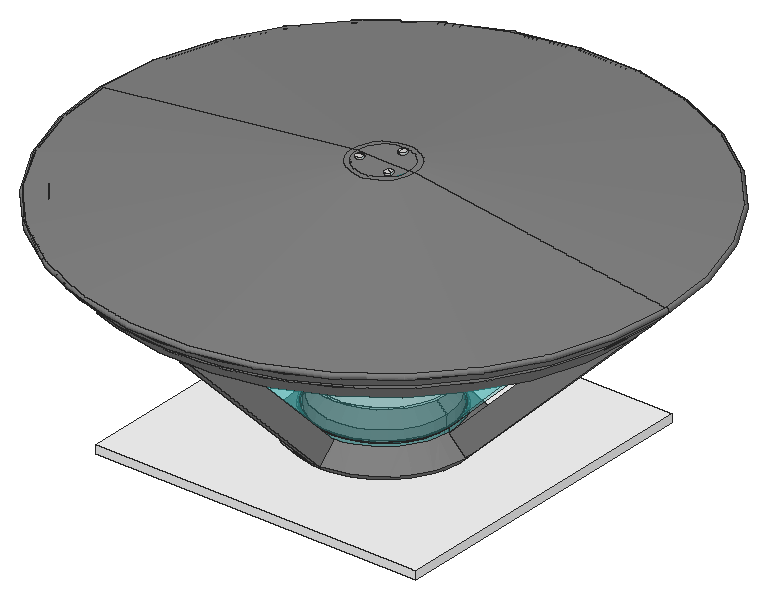
Revit family "BE_77181_de_DE", category Leuchten, Revit 2015
Parameters (values of type "BEGA_77181_Grafit_K4")
  built-in parameter 1150104 = 11.65 (stored number, unit not read)
  Windangriffsfläche = ""
  Werkzeuglos = ""
  Wattage = 37.8 W
  Default Elevation = 0 mm
  built-in parameter 1150113 = 1 (stored number, unit not read)
  built-in parameter 1114218 = 1 (stored number, unit not read)
  Umgebungstemperatur = ""
  URL = "http://www.bega.de/produkt/77181"
  Typenkommentare = "© 2017 BEGA. Wir behalten uns das Recht vor, technische Änderungen ohne vorherige Ankündigung vorzunehmen."  # constant formula
  Type Image = 77181.png
  built-in parameter 1150134 = 12
  built-in parameter 1150109 = 1 (stored number, unit not read)
  Strom = ""
  built-in parameter 1150110 = 1 (stored number, unit not read)
  Spannung = 239.996 V
  Sonderanfertigung = no
  Seriennummer [instance] = "Hier können Sie die eindeutige Seriennummer für das Facility Management eintragen."
  Schutzklasse = "I"
  Schutzart = "IP 54"
  Scheinlast = 0 VA
  Produktdatenblatt = "http://www.bega.de/download/Xrfa/db/77181.db.de.pdf"
  Oberflächentemperatur = ""
  Neigungswinkel = 0.00°
  Modell = "77181"
  Material_18 = BEGA_Gummi_schwarz
  Material_17 = BEGA_Reflektor
  Material_15 = BEGA_Leuchtmedium_matt
  Material_12 = BEGA_Kunststoff_klar
  Material_06 = BEGA_Oberfläche_Edelstahl_gebürstet
  Material_04 = BEGA_Kunststoff_Grafit_matt
  Material_03 = BEGA_Oberfläche_Weiss_matt
  Material_02 = BEGA_Oberfläche_Silber_matt
  Material_01 [instance] = BEGA_Oberfläche_Grafit_matt
  Mastzopf_Ø [instance] = "76 mm"  # constant formula
  M_W = no
  M_G = yes
  M_A = no
  Logo = 0
  built-in parameter 1114217 = 1 (stored number, unit not read)
  built-in parameter 1150139 = (empty or 0)
  built-in parameter 1150105 = 377.21 (stored number, unit not read)
  built-in parameter 1150114 = 1 (stored number, unit not read)
  Lumens = 4740.12 lm
  built-in parameter 1150115 = 1 (stored number, unit not read)
  Leuchtenlichtstrom = "2026 lm"
  Leuchtenanzahl = ""
  Lebensdauerkriterien = "L70 = 50.000 h"
  Lastklassifizierung = Beleuchtung
  built-in parameter 1150112 = 1 (stored number, unit not read)
  Lampenlichtstrom = "4740 lm"
  Lampe = "LED 37.8 W"
  LED_Modulbezeichnung = "6x LED-0146/840 "
  built-in parameter 1150142 = (empty or 0)
  Hersteller = "BEGA"  # constant formula
  Halbstreuwinkel = ""
  Gewicht = "15.8 kg"
  Frequenz = "0/50-60 Hz"
  Farbwiedergabeindex = "Ra > 80"
  Farbtemperaturverschiebung bei Dämpfen der Lampe = <Keine Auswahl>
  Farbtemperatur = "4000 K"
  Color Filter = 16777215
  Erdstück [instance] = no
  built-in parameter 1150133 = 10 (stored number, unit not read)
  Energieeffizienzklasse = "LED A++ - A"
  Einstecktiefe = "60 mm"
  built-in parameter 1150137 = (empty or 0)
  built-in parameter 1150132 = (empty or 0)
  ENEC = "ja"
  Dimmbar [instance] = "1-10 V SELV"
  Datei für fotometrisches Netz = "BE_77181.IES"
  CE_Konformität = "ja"
  Bestellnummer_Erdstück [instance] = ""
  Bestellnummer = "77181"
  Beschreibung_Sonderanfertigung = "Hier können Sie Informationen zur Sonderanfertigung eintragen."
  Beschreibung = "Aufsatzleuchte"
  built-in parameter 1150106 = 3.7721 (stored number, unit not read)
  BEGA_Neigung_Z2 [instance] = 0.00°
  BEGA_Neigung_Z1 [instance] = 0.00°
  BEGA_Neigung_Y2 [instance] = 0.00°
  BEGA_Neigung_Y1 [instance] = 0.00°
  BEGA_Neigung_X2 [instance] = 0.00°
  BEGA_Neigung_X1 [instance] = 0.00°
  BEGA_Intern_aus = yes
  BEGA_Intern_an = yes
  BEGA_Intern_Konstruktion = yes
  BEGA_Intern = yes
  BEGA_Infotext_Winkel [instance] = no
  BEGA_IES_Z2 = 0 mm
  BEGA_IES_Z1 = 0 mm
  BEGA_IES_Y2 = 0 mm
  BEGA_IES_Y1 = 0 mm
  BEGA_IES_X2 = 0 mm
  BEGA_IES_X1 = 0 mm
  BEGA_IES3 = yes
  BEGA_IES2 = yes
  BEGA_IES1 = yes
  BEGA_IES = yes
  BEGA_Dummy = no
  Anschlussleitung = "6.0 m X05BQ-F 5 G 1²"
  Anschlussleistung [instance] = "44 W"
  Anschlusskasten = ""
  built-in parameter 1150107 = 4000 (stored number, unit not read)
  built-in parameter 1150102 = (empty or 0)
  built-in parameter 1150138 = (empty or 0)
  Aktualisierung = "2017-02-23T04:15:26"
  Abstand_zur_angestrahlten_Fläche [instance] = ""
  AC/DC = "AC/DC"
Types (2, lengths in mm): name | built-in parameter 1150104 | built-in parameter 1150134 | Modell | built-in parameter 1150105 | Lumens | Leuchtenlichtstrom | Lampenlichtstrom | LED_Modulbezeichnung | Farbtemperatur | Datei für fotometrisches Netz | Bestellnummer | built-in parameter 1150106 | built-in parameter 1150107
  BEGA_77181_Grafit_K4 | 11.65 (stored number, unit not read) | 12 | "77181" | 377.21 (stored number, unit not read) | 4740.12 lm | "2026 lm" | "4740 lm" | "6x LED-0146/840 " | "4000 K" | "BE_77181.IES" | "77181" | 3.7721 (stored number, unit not read) | 4000 (stored number, unit not read)
  BEGA_77181_Grafit_K3 | 10.832 (stored number, unit not read) | (empty or 0) | "77181K3" | 350.74 (stored number, unit not read) | 4407.48 lm | "1884 lm" | "4410 lm" | "6x LED-0146/830" | "3000 K" | "BE_77181K3.IES" | "77181K3" | 3.5074 (stored number, unit not read) | 3000 (stored number, unit not read)
Reference planes
  plane 1 "Mitte (Vorne/Hinten)": y = 0
  plane 2: z = 0
  plane 3 "Mitte (Links/Rechts)": x = 0
  plane 4 "Links": x = -355.4
  plane 5 "Rechts": x = 355.4
  plane 6 "Unten": y = -355.388
  plane 7 "Oben": y = 355.388
  plane 8 "Vorne": z = 300.458
  plane 9 "Hinten": z = -91.8
Forms (mm)
  Extrusion 1, solid, material "BEGA_Platte_Weiss"
    sketch origin (0, -1119.2, 0) x (1, 0, 0) y (0, 1, 0)
      loop
        line (-200, 1319.2) -> (-200, 919.2) -> (200, 919.2) -> (200, 1319.2) -> (-200, 1319.2)
    from 0 to -10
  Extrusion 2, solid, material "BEGA_Dummy_matt", visible <- "BEGA_Dummy"
    sketch origin (77.149, -76.023, 0) x (1, 0, 0) y (0, 1, 0)
      loop
        circle (-77.149, 76.023) r 355.4
    from 0 to 300.458
Dimensions and locks
  plane 1 "Mitte (Vorne/Hinten)" to Extrusion 1 = 200 mm
  aligned and locked: plane 2 to Extrusion 1
  aligned and locked: level to Extrusion 1
Nested families
  nested 1: "BE_77181" at (0, 0, 0), type "BE_77181"
Connectors
  electrical at (0, 0, 0), driven by "Lastklassifizierung", driven by "Spannung", driven by "Scheinlast"
    settings: index 1, voltage 239.996 V, apparent load 0 VA, apparent load phase1 0 VA, apparent load phase2 0 VA, apparent load phase3 0 VA, power factor 1, load classification "Beleuchtung", number of poles 1, system type 31, power factor state 1, is connector primary yes, connector utility no, sub classification motor no, connector description ""
Definition of nested family "BE_77181"
  Parameters (values of type "BE_77181")
    Default Elevation = 1 mm
    URL = "http://www.bega.de/de/produkt"
    Type Comments = "© 2015 BEGA. Wir behalten uns das Recht vor, technische Änderungen ohne vorherige Ankündigung vorzunehmen. "  # constant formula
    Type Image = (empty or 0)
    Material_18 = none
    Material_17 = none
    Material_15 = none
    Material_12 = none
    Material_11 = none
    Material_09 = none
    Material_06 = none
    Material_04 = none
    Material_03 = none
    Material_02 = none
    Material_01 = none
    M_W = yes
    M_G = yes
    M_A = yes
    Länge_Platte = 400 mm  # constant formula
    Höhe_Platte = -10 mm  # constant formula
    Manufacturer = "BEGA"  # constant formula
    Breite_Platte = 400 mm  # constant formula
  Reference planes
    plane 1 "Mitte (Oben/Unten)": y = 0
    plane 2: z = 0
    plane 3 "Mitte (Links/Rechts)": x = 0
    plane 4: z = 300.8
    plane 5: x = -355.4
    plane 6: z = -91.8
    plane 7: x = 355.4
    plane 8: y = -355.388
    plane 9: y = 355.388
  Forms (mm)
    Extrusion 1, solid, detail levels medium
      sketch origin (0, 0, 0) x (1, 0, 0) y (0, 1, 0)
        loop
          line (-200, 200) -> (-200, -200) -> (200, -200) -> (200, 200) -> (-200, 200)
      from 0 to -10 <- "Höhe_Platte"
    Revolve 2, solid, material <- "Material_01", detail levels medium+fine
      sketch origin (0, 0, 0) x (1, 0, 0) y (0, 0, 1)
        loop
          line (-334.5, 233.5) -> (-311.312, 210.312) -> (-267.529, 210.312) -> (-272.935, 215.7) -> (-310.902, 215.7) -> (-327.133, 231.931) -> (-328.09, 259.338) -> (-334.5, 258.437) -> (-334.5, 233.5)
        loop
          line (-38.9, 0) -> (-18.573, 0) -> (-18.8, 6.5) -> (-37.328, 6.5)
          arc (-37.328, 6.5) -> (-41.189, 4.918) -> (-42.83, 1.081) r 5.5
          line (-42.83, 1.081) -> (-43.33, -32.7) -> (-60.136, -32.7) -> (-82.05, -10.786) -> (-84.086, 27.315) -> (-85.287, 28.513) -> (-106.5, 7.3) -> (-41.5, -57.7) -> (-39.907, -57.7) -> (-38.9, 0)
        axis (0, 259.338) -> (0, -57.7)
      angle from 0 to 360
    Revolve 3, solid, material <- "Material_01", detail levels medium+fine
      sketch origin (0, 0, 0) x (1, 0, 0) y (0, 0, 1)
        loop
          line (-75.75, 36.5) -> (-76.448, 16.5) -> (-83, 16.5) -> (-82.651, 6.5) -> (-15.698, 6.5) -> (-15, -13.5) -> (-9.3, -13.5) -> (-9.038, 16.5) -> (-68, 16.5) -> (-68.698, 36.5) -> (-75.75, 36.5)
        axis (0, -13.5) -> (0, 36.5)
      angle from 0 to 360
    Revolve 4, solid, material <- "Material_01", detail levels medium+fine
      sketch origin (0, 0, 0) x (1, 0, 0) y (0, 0, 1)
        loop
          line (-52, 69.95) -> (-78.519, 43.431) -> (-79, 29.65) -> (-76.744, 29.65) -> (-76.505, 36.5) -> (-71.308, 36.5) -> (-47.858, 59.95) -> (-25, 59.95) -> (-25, 69.95) -> (-52, 69.95)
        axis (0, 29.65) -> (0, 69.95)
      angle from 0 to 360
    Revolve 5, solid, material <- "Material_17", detail levels medium+fine
      sketch origin (0, 0, 0) x (1, 0, 0) y (0, 0, 1)
        loop
          line (-77.5, 67.85) -> (-77.5, 65.85) -> (-75.964, 65.85) -> (-54.5, 87.314) -> (-54.5, 88.85) -> (-56.5, 88.85) -> (-77.5, 67.85)
        loop
          line (-77.5, 90.65) -> (-77.5, 88.65) -> (-75.964, 88.65) -> (-54.5, 110.114) -> (-54.5, 111.65) -> (-56.5, 111.65) -> (-77.5, 90.65)
        loop
          line (-77.5, 113.45) -> (-77.5, 111.45) -> (-75.964, 111.45) -> (-54.5, 132.914) -> (-54.5, 134.45) -> (-56.5, 134.45) -> (-77.5, 113.45)
        loop
          line (-77.5, 136.25) -> (-77.5, 134.25) -> (-75.964, 134.25) -> (-54.5, 155.714) -> (-54.5, 157.25) -> (-56.5, 157.25) -> (-77.5, 136.25)
        loop
          line (-77.5, 159.05) -> (-77.5, 157.05) -> (-75.964, 157.05) -> (-54.5, 178.514) -> (-54.5, 180.05) -> (-56.5, 180.05) -> (-77.5, 159.05)
        loop
          line (-77.5, 181.85) -> (-77.5, 179.85) -> (-75.964, 179.85) -> (-54.5, 201.314) -> (-54.5, 202.85) -> (-56.5, 202.85) -> (-77.5, 181.85)
        loop
          line (-77.5, 204.65) -> (-77.5, 202.65) -> (-75.964, 202.65) -> (-54.5, 224.114) -> (-54.5, 225.65) -> (-56.5, 225.65) -> (-77.5, 204.65)
        loop
          line (-77.5, 227.45) -> (-77.5, 225.45) -> (-75.964, 225.45) -> (-54.5, 246.914) -> (-54.5, 248.45) -> (-56.5, 248.45) -> (-77.5, 227.45)
        axis (0, 248.45) -> (0, 65.85)
      angle from 0 to 360
    Extrusion 6, solid, material <- "Material_15", detail levels medium+fine
      sketch origin (0, 0, 0) x (1, 0, 0) y (0, 1, 0)
        loop
          line (-13, -26.05) -> (-13, -27.581) -> (13, -27.581) -> (13, -26.05) -> (-13, -26.05)
      from 136.25 to 200.45
    Extrusion 7, solid, material <- "Material_15", detail levels medium+fine
      sketch origin (0, 0, 0) x (0.5, -0.866025, 0) y (0.866025, 0.5, 0)
        loop
          line (-13, -26.05) -> (-13, -27.581) -> (13, -27.581) -> (13, -26.05) -> (-13, -26.05)
      from 136.25 to 200.45
    Extrusion 8, solid, material <- "Material_15", detail levels medium+fine
      sketch origin (0, 0, 0) x (0.5, 0.866025, 0) y (-0.866025, 0.5, 0)
        loop
          line (-13, -26.05) -> (-13, -27.581) -> (13, -27.581) -> (13, -26.05) -> (-13, -26.05)
      from 136.25 to 200.45
    Extrusion 9, solid, material <- "Material_15", detail levels medium+fine
      sketch origin (0, 0, 0) x (-0.5, 0.866025, 0) y (-0.866025, -0.5, 0)
        loop
          line (-13, -26.05) -> (-13, -27.581) -> (13, -27.581) -> (13, -26.05) -> (-13, -26.05)
      from 136.25 to 200.45
    Extrusion 10, solid, material <- "Material_15", detail levels medium+fine
      sketch origin (0, 0, 0) x (-1, 0, 0) y (0, -1, 0)
        loop
          line (-13, -26.05) -> (-13, -27.581) -> (13, -27.581) -> (13, -26.05) -> (-13, -26.05)
      from 136.25 to 200.45
    Extrusion 11, solid, material <- "Material_15", detail levels medium+fine
      sketch origin (0, 0, 0) x (-0.5, -0.866025, 0) y (0.866025, -0.5, 0)
        loop
          line (-13, -26.05) -> (-13, -27.581) -> (13, -27.581) -> (13, -26.05) -> (-13, -26.05)
      from 136.25 to 200.45
    Extrusion 12, solid, material <- "Material_01", detail levels medium+fine
      sketch origin (0, 0, 0) x (1, 0, 0) y (0, 0, 1)
        loop
          line (-105.47, 6.535) -> (-84.851, 27.154) -> (-268.379, 210.312) -> (-311.054, 210.312) -> (-105.47, 6.535)
      from -5.5 to 5.5
    Extrusion 13, solid, material <- "Material_01", detail levels medium+fine
      sketch origin (0, 0, 0) x (0, -1, 0) y (0, 0, 1)
        loop
          line (-105.47, 6.535) -> (-84.851, 27.154) -> (-268.379, 210.312) -> (-311.054, 210.312) -> (-105.47, 6.535)
      from -5.5 to 5.5
    Extrusion 14, solid, material <- "Material_01", detail levels medium+fine
      sketch origin (0, 0, 0) x (0, 1, 0) y (0, 0, 1)
        loop
          line (-105.47, 6.535) -> (-84.851, 27.154) -> (-268.379, 210.312) -> (-311.054, 210.312) -> (-105.47, 6.535)
      from -5.5 to 5.5
    Extrusion 15, solid, material <- "Material_01", detail levels medium+fine
      sketch origin (0, 0, 0) x (-1, 0, 0) y (0, 0, 1)
        loop
          line (-105.47, 6.535) -> (-84.851, 27.154) -> (-268.379, 210.312) -> (-311.054, 210.312) -> (-105.47, 6.535)
      from -5.5 to 5.5
    Revolve 16, solid, material <- "Material_01", detail levels medium+fine
      sketch origin (0, 0, 0) x (1, 0, 0) y (0, 0, 1)
        loop
          line (-354.375, 254.075) -> (-339.4, 239.1) -> (-337.632, 240.868) -> (-352.607, 255.843)
          arc (-352.607, 255.843) -> (-352.856, 256.863) -> (-352.053, 257.538) r 1
          arc (-352.053, 257.538) -> (-195.485, 279.225) -> (-38.541, 298) r 8508.253
          arc (-38.541, 298) -> (-35.813, 298.225) -> (-33.07, 298.3) r 50
          line (-33.07, 298.3) -> (0, 298.3) -> (0, 300.8) -> (-33.07, 300.8)
          arc (-33.07, 300.8) -> (-36.066, 300.714) -> (-39.052, 300.458) r 52.5
          arc (-39.052, 300.458) -> (-195.914, 281.69) -> (-352.4, 260.014) r 8510.753
          arc (-352.4, 260.014) -> (-355.211, 257.65) -> (-354.375, 254.075) r 3.5
        axis (0, 300.8) -> (0, 239.1)
      angle from 0 to 360
    Revolve 17, solid, material <- "Material_12", detail levels medium+fine
      sketch origin (0, 0, 0) x (1, 0, 0) y (0, 0, 1)
        loop
          arc (-262.027, 218.183) -> (-263.662, 219.305) -> (-265.609, 219.7) r 5
          line (-265.609, 219.7) -> (-287.5, 219.7) -> (-287.5, 215.7) -> (-267.913, 215.7)
          arc (-267.913, 215.7) -> (-267.531, 215.624) -> (-267.207, 215.407) r 1
          line (-267.207, 215.407) -> (-82.793, 30.992)
          arc (-82.793, 30.992) -> (-82.576, 30.667) -> (-82.5, 30.285) r 1
          line (-82.5, 30.285) -> (-82.5, 20.7) -> (-81, 20.7) -> (-81, 30.481)
          arc (-81, 30.481) -> (-81.22, 31.609) -> (-81.847, 32.568) r 3
          line (-81.847, 32.568) -> (-262.027, 218.183)
        axis (0, 20.7) -> (0, 219.7)
      angle from 0 to 360
    Revolve 18, solid, material <- "Material_04", detail levels medium+fine
      sketch origin (0, 0, 0) x (1, 0, 0) y (0, 0, 1)
        loop
          line (-12.222, -13.8) -> (-12.222, -18.9) -> (-9.3, -18.9) -> (-9.3, -23.8) -> (-12.702, -23.8) -> (-12.702, -36.069) -> (-10.164, -38.606)
          arc (-10.164, -38.606) -> (-8.848, -65.188) -> (-8.563, -91.8) r 687.192
          line (-8.563, -91.8) -> (0, -91.8) -> (0, -6.8) -> (-9.3, -6.8) -> (-9.3, -13.8) -> (-12.222, -13.8)
        axis (0, -6.8) -> (0, -91.8)
      angle from 0 to 360
    Revolve 19, void
      sketch origin (0, 0, 0) x (0.707107, -0.707107, 0) y (0, 0, 1)
        loop
          line (51, -37.627) -> (51, -38.5) -> (38.773, -38.5) -> (38.773, -42.7) -> (63.316, -42.7) -> (63.316, -37.627) -> (51, -37.627)
        axis (38.773, -42.7) -> (63.316, -42.7)
      angle from 0 to 360
    Revolve 20, void
      sketch origin (0, 0, 0) x (-0.707107, -0.707107, 0) y (0, 0, 1)
        loop
          line (51, -37.627) -> (51, -38.5) -> (38.773, -38.5) -> (38.773, -42.7) -> (63.316, -42.7) -> (63.316, -37.627) -> (51, -37.627)
        axis (38.773, -42.7) -> (63.316, -42.7)
      angle from 0 to 360
    Revolve 21, void
      sketch origin (0, 0, 0) x (0.707107, 0.707107, 0) y (0, 0, 1)
        loop
          line (51, -37.627) -> (51, -38.5) -> (38.773, -38.5) -> (38.773, -42.7) -> (63.316, -42.7) -> (63.316, -37.627) -> (51, -37.627)
        axis (38.773, -42.7) -> (63.316, -42.7)
      angle from 0 to 360
    Revolve 22, void
      sketch origin (0, 0, 0) x (-0.707107, 0.707107, 0) y (0, 0, 1)
        loop
          line (51, -37.627) -> (51, -38.5) -> (38.773, -38.5) -> (38.773, -42.7) -> (63.316, -42.7) -> (63.316, -37.627) -> (51, -37.627)
        axis (38.773, -42.7) -> (63.316, -42.7)
      angle from 0 to 360
    Revolve 23, solid, material <- "Material_06", detail levels fine
      sketch origin (0, 0, 0) x (0.707107, -0.707107, 0) y (0, 0, 1)
        loop
          line (51.3, -39.45) -> (50.55, -38.7) -> (38.773, -38.7) -> (37.3, -40.173) -> (37.3, -42.7) -> (51.3, -42.7) -> (51.3, -39.45)
        axis (37.3, -42.7) -> (51.3, -42.7)
      angle from 0 to 360
    Revolve 24, solid, material <- "Material_06", detail levels fine
      sketch origin (0, 0, 0) x (-0.707107, -0.707107, 0) y (0, 0, 1)
        loop
          line (51.3, -39.45) -> (50.55, -38.7) -> (38.773, -38.7) -> (37.3, -40.173) -> (37.3, -42.7) -> (51.3, -42.7) -> (51.3, -39.45)
        axis (37.3, -42.7) -> (51.3, -42.7)
      angle from 0 to 360
    Revolve 25, solid, material <- "Material_06", detail levels fine
      sketch origin (0, 0, 0) x (0.707107, 0.707107, 0) y (0, 0, 1)
        loop
          line (51.3, -39.45) -> (50.55, -38.7) -> (38.773, -38.7) -> (37.3, -40.173) -> (37.3, -42.7) -> (51.3, -42.7) -> (51.3, -39.45)
        axis (37.3, -42.7) -> (51.3, -42.7)
      angle from 0 to 360
    Revolve 26, solid, material <- "Material_06", detail levels fine
      sketch origin (0, 0, 0) x (-0.707107, 0.707107, 0) y (0, 0, 1)
        loop
          line (51.3, -39.45) -> (50.55, -38.7) -> (38.773, -38.7) -> (37.3, -40.173) -> (37.3, -42.7) -> (51.3, -42.7) -> (51.3, -39.45)
        axis (37.3, -42.7) -> (51.3, -42.7)
      angle from 0 to 360
    Revolve 27, solid, material <- "Material_06", detail levels fine
      sketch origin (0, 0, 0) x (0.766044, -0.642788, 0) y (0, 0, 1)
        loop
          arc (24.905, 303.9) -> (22.482, 303.488) -> (20.33, 302.3) r 7.341
          arc (20.33, 302.3) -> (20.23, 301.551) -> (20.305, 300.8) r 3.275
          line (20.305, 300.8) -> (24.905, 300.8) -> (24.905, 303.9)
        axis (24.905, 303.9) -> (24.905, 300.8)
      angle from 0 to 360
    Revolve 28, solid, material <- "Material_06", detail levels fine
      sketch origin (0, 0, 0) x (-0.939693, -0.34202, 0) y (0, 0, 1)
        loop
          arc (24.905, 303.9) -> (22.482, 303.488) -> (20.33, 302.3) r 7.341
          arc (20.33, 302.3) -> (20.23, 301.551) -> (20.305, 300.8) r 3.275
          line (20.305, 300.8) -> (24.905, 300.8) -> (24.905, 303.9)
        axis (24.905, 303.9) -> (24.905, 300.8)
      angle from 0 to 360
    Revolve 29, solid, material <- "Material_06", detail levels fine
      sketch origin (0, 0, 0) x (0.173648, 0.984808, 0) y (0, 0, 1)
        loop
          arc (24.905, 303.9) -> (22.482, 303.488) -> (20.33, 302.3) r 7.341
          arc (20.33, 302.3) -> (20.23, 301.551) -> (20.305, 300.8) r 3.275
          line (20.305, 300.8) -> (24.905, 300.8) -> (24.905, 303.9)
        axis (24.905, 303.9) -> (24.905, 300.8)
      angle from 0 to 360
  Cuts and joins
    joined: Revolve 3, Revolve 4
    Revolve 19, Revolve 20, Revolve 21, Revolve 22 cuts Revolve 2
    Revolve 20, Revolve 21, Revolve 22 cuts Extrusion 12
    Revolve 20, Revolve 21, Revolve 22 cuts Extrusion 13
    Revolve 20, Revolve 21, Revolve 22 cuts Extrusion 14
    Revolve 20, Revolve 21, Revolve 22 cuts Extrusion 15
    joined: Revolve 2, Extrusion 12, Extrusion 13, Extrusion 14, Extrusion 15
  Dimensions and locks
    equal spacing: Extrusion 1 sketch curve, plane 3 "Mitte (Links/Rechts)", Extrusion 1 sketch curve
    equal spacing: Extrusion 1 sketch curve, plane 1 "Mitte (Oben/Unten)", Extrusion 1 sketch curve
    "Länge_Platte": Extrusion 1 sketch curve to Extrusion 1 sketch curve
    "Breite_Platte": Extrusion 1 sketch curve to Extrusion 1 sketch curve
    aligned and locked: Extrusion 1 to plane 2
    aligned and locked: level to Extrusion 1
  Automatic sketch dimensions
    Revolve 3 sketch curve to plane 3 "Mitte (Links/Rechts)" = 0 mm
    Revolve 3 sketch curve to level = 0 mm
    Revolve 3 sketch curve to plane 3 "Mitte (Links/Rechts)" = 9.038 mm
    Revolve 3 sketch curve to plane 3 "Mitte (Links/Rechts)" = 9.3 mm
    Revolve 3 sketch curve to Revolve 3 sketch curve = 5.7 mm
    Revolve 3 sketch curve to Revolve 3 sketch curve = 6.66 mm
    level to Revolve 3 sketch curve = 16.5 mm
    Revolve 3 sketch curve to Revolve 3 sketch curve = 52.302 mm
    Revolve 3 sketch curve to Revolve 3 sketch curve = 0.698 mm
    level to Revolve 3 sketch curve = 36.5 mm
    Revolve 3 sketch curve to Revolve 3 sketch curve = 7.052 mm
    Revolve 3 sketch curve to Revolve 3 sketch curve = 8.448 mm
    level to Revolve 3 sketch curve = 6.5 mm
    Revolve 3 sketch curve to Revolve 3 sketch curve = 6.202 mm
    Revolve 3 sketch curve to Revolve 3 sketch curve = 6.552 mm
    Revolve 3 sketch curve to level = 13.5 mm
    Revolve 3 sketch curve to Revolve 3 sketch curve = 0 mm
    Revolve 3 sketch curve to Revolve 3 sketch curve = 10 mm
    level to Revolve 3 sketch curve = 5 mm
    Revolve 4 sketch curve to plane 3 "Mitte (Links/Rechts)" = 0 mm
    Revolve 4 sketch curve to plane 3 "Mitte (Links/Rechts)" = 25 mm
    Revolve 4 sketch curve to Revolve 4 sketch curve = 22.858 mm
    Revolve 4 sketch curve to Revolve 4 sketch curve = 4.142 mm
    Revolve 4 sketch curve to Revolve 4 sketch curve = 23.45 mm  (x2)
    Revolve 4 sketch curve to Revolve 4 sketch curve = 5.197 mm
    Revolve 4 sketch curve to Revolve 4 sketch curve = 0.239 mm
    Revolve 4 sketch curve to Revolve 4 sketch curve = 2.014 mm
    Revolve 4 sketch curve to Revolve 4 sketch curve = 2.256 mm
    level to Revolve 4 sketch curve = 29.65 mm
    Revolve 4 sketch curve to Revolve 4 sketch curve = 6.85 mm  (x2)
    Revolve 4 sketch curve to Revolve 4 sketch curve = 6.931 mm
    Revolve 4 sketch curve to Revolve 4 sketch curve = 10 mm
    Revolve 4 sketch curve to Revolve 4 sketch curve = 15 mm
    Revolve 5 sketch curve to plane 3 "Mitte (Links/Rechts)" = 0 mm
    Revolve 5 sketch curve to plane 3 "Mitte (Links/Rechts)" = 54.5 mm  (x2)
    Revolve 5 sketch curve to Revolve 5 sketch curve = 0 mm  (x7)
    Revolve 5 sketch curve to Revolve 5 sketch curve = 2 mm  (x16)
    Revolve 5 sketch curve to Revolve 5 sketch curve = 19.464 mm  (x8)
    Revolve 5 sketch curve to Revolve 5 sketch curve = 1.536 mm  (x16)
    level to Revolve 5 sketch curve = 65.85 mm
    Revolve 5 sketch curve to Revolve 5 sketch curve = 20.8 mm  (x7)
    Revolve 5 sketch curve to Revolve 5 sketch curve = 21.264 mm  (x7)
    Revolve 5 sketch curve to Revolve 5 sketch curve = 7.364 mm
    Revolve 5 sketch curve to Revolve 5 sketch curve = 10.436 mm
    Extrusion 6 sketch curve to plane 3 "Mitte (Links/Rechts)" = 13 mm
    plane 3 "Mitte (Links/Rechts)" to Extrusion 6 sketch curve = 13 mm
    plane 1 "Mitte (Oben/Unten)" to Extrusion 6 sketch curve = 27.581 mm
    Extrusion 6 sketch curve to Extrusion 6 sketch curve = 1.531 mm
    plane 1 "Mitte (Oben/Unten)" to Extrusion 7 sketch curve = 2.532 mm
    Extrusion 7 sketch curve to plane 3 "Mitte (Links/Rechts)" = 30.386 mm
    Extrusion 7 sketch curve to Extrusion 7 sketch curve = 26 mm
    Extrusion 7 sketch curve to Extrusion 7 sketch curve = 1.531 mm
    plane 1 "Mitte (Oben/Unten)" to Extrusion 8 sketch curve = 25.049 mm
    plane 3 "Mitte (Links/Rechts)" to Extrusion 8 sketch curve = 17.386 mm
    Extrusion 8 sketch curve to Extrusion 8 sketch curve = 26 mm
    Extrusion 8 sketch curve to Extrusion 8 sketch curve = 1.531 mm
    Extrusion 9 sketch curve to plane 1 "Mitte (Oben/Unten)" = 2.532 mm
    plane 3 "Mitte (Links/Rechts)" to Extrusion 9 sketch curve = 30.386 mm
    Extrusion 9 sketch curve to Extrusion 9 sketch curve = 26 mm
    Extrusion 9 sketch curve to Extrusion 9 sketch curve = 1.531 mm
    plane 3 "Mitte (Links/Rechts)" to Extrusion 10 sketch curve = 13 mm
    Extrusion 10 sketch curve to plane 3 "Mitte (Links/Rechts)" = 13 mm
    Extrusion 10 sketch curve to plane 1 "Mitte (Oben/Unten)" = 27.581 mm
    Extrusion 10 sketch curve to Extrusion 10 sketch curve = 1.531 mm
    Extrusion 11 sketch curve to plane 1 "Mitte (Oben/Unten)" = 25.049 mm
    Extrusion 11 sketch curve to plane 3 "Mitte (Links/Rechts)" = 17.386 mm
    Extrusion 11 sketch curve to Extrusion 11 sketch curve = 26 mm
    Extrusion 11 sketch curve to Extrusion 11 sketch curve = 1.531 mm
    Extrusion 12 sketch curve to Extrusion 12 sketch curve = 42.675 mm
    Extrusion 12 sketch curve to Extrusion 12 sketch curve = 20.619 mm  (x2)
    Revolve 2 sketch curve to level = 0 mm
    Revolve 2 sketch curve to plane 3 "Mitte (Links/Rechts)" = 0 mm
    Revolve 2 sketch curve to plane 3 "Mitte (Links/Rechts)" = 18.573 mm
    Revolve 2 sketch curve to Revolve 2 sketch curve = 0.227 mm
    level to Revolve 2 sketch curve = 1 mm
    Revolve 2 sketch curve to Revolve 2 sketch curve = 18.755 mm
    Revolve 2 sketch curve to Revolve 2 sketch curve = 1.572 mm
    Revolve 2 sketch curve to plane 3 "Mitte (Links/Rechts)" = 39.907 mm
    Revolve 2 sketch curve to Revolve 2 sketch curve = 1.593 mm
    Revolve 2 sketch curve to Revolve 2 sketch curve = 1.83 mm
    Revolve 2 sketch curve to Revolve 2 sketch curve = 16.806 mm
    Revolve 2 sketch curve to level = 10.786 mm
    Revolve 2 sketch curve to Revolve 2 sketch curve = 21.914 mm  (x2)
    level to Revolve 2 sketch curve = 27.315 mm
    Revolve 2 sketch curve to Revolve 2 sketch curve = 2.036 mm
    level to Revolve 2 sketch curve = 28.513 mm
    Revolve 2 sketch curve to Revolve 2 sketch curve = 1.201 mm
    level to Revolve 2 sketch curve = 7.3 mm
    Revolve 2 sketch curve to Revolve 2 sketch curve = 21.213 mm
    Revolve 2 sketch curve to Revolve 2 sketch curve = 182.242 mm
    Revolve 2 sketch curve to Revolve 2 sketch curve = 5.406 mm
    Revolve 2 sketch curve to Revolve 2 sketch curve = 37.966 mm
    Revolve 2 sketch curve to Revolve 2 sketch curve = 0.41 mm
    Revolve 2 sketch curve to Revolve 2 sketch curve = 16.231 mm  (x2)
    Revolve 2 sketch curve to Revolve 2 sketch curve = 0.957 mm
    Revolve 2 sketch curve to Revolve 2 sketch curve = 7.367 mm
    level to Revolve 2 sketch curve = 6.5 mm
    level to Revolve 2 sketch curve = 210.312 mm
    Revolve 2 sketch curve to Revolve 2 sketch curve = 5.388 mm
    Revolve 2 sketch curve to Revolve 2 sketch curve = 1.569 mm
    Revolve 2 sketch curve to Revolve 2 sketch curve = 24.937 mm
    Revolve 2 sketch curve to Revolve 2 sketch curve = 0.901 mm
    level to Revolve 2 sketch curve = 1.081 mm  (x2)
    Revolve 2 sketch curve to Revolve 2 sketch curve = 0.002 mm
    Revolve 2 sketch curve to Revolve 2 sketch curve = 75 mm
    Revolve 2 sketch curve to Revolve 2 sketch curve = 20 mm
    Extrusion 12 sketch curve to Extrusion 12 sketch curve = 162.908 mm
    Extrusion 12 sketch curve to Extrusion 12 sketch curve = 183.158 mm
    Extrusion 13 sketch curve to Extrusion 13 sketch curve = 42.675 mm
    Extrusion 13 sketch curve to Extrusion 13 sketch curve = 20.619 mm  (x2)
    Extrusion 13 sketch curve to Extrusion 13 sketch curve = 162.908 mm
    Extrusion 13 sketch curve to Extrusion 13 sketch curve = 183.158 mm
    Extrusion 14 sketch curve to Extrusion 14 sketch curve = 42.675 mm
    Extrusion 14 sketch curve to Extrusion 14 sketch curve = 20.619 mm  (x2)
    Extrusion 14 sketch curve to Extrusion 14 sketch curve = 162.908 mm
    Extrusion 14 sketch curve to Extrusion 14 sketch curve = 183.158 mm
    Extrusion 15 sketch curve to Extrusion 15 sketch curve = 42.675 mm
    Extrusion 15 sketch curve to Extrusion 15 sketch curve = 20.619 mm  (x2)
    Extrusion 15 sketch curve to Extrusion 15 sketch curve = 162.908 mm
    Extrusion 15 sketch curve to Extrusion 15 sketch curve = 183.158 mm
    Extrusion 12 sketch curve to plane 3 "Mitte (Links/Rechts)" = 311.054 mm
    level to Extrusion 12 sketch curve = 6.535 mm
    Extrusion 13 sketch curve to plane 1 "Mitte (Oben/Unten)" = 311.054 mm
    level to Extrusion 13 sketch curve = 6.535 mm
    plane 1 "Mitte (Oben/Unten)" to Extrusion 14 sketch curve = 311.054 mm
    level to Extrusion 14 sketch curve = 6.535 mm
    plane 3 "Mitte (Links/Rechts)" to Extrusion 15 sketch curve = 311.054 mm
    level to Extrusion 15 sketch curve = 6.535 mm
    Revolve 16 sketch curve to Revolve 16 sketch curve = 0 mm  (x8)
    Revolve 16 sketch curve to plane 3 "Mitte (Links/Rechts)" = 0 mm  (x2)
    Revolve 16 sketch curve to plane 3 "Mitte (Links/Rechts)" = 33.07 mm
    Revolve 16 sketch curve to Revolve 16 sketch curve = 304.562 mm
    Revolve 16 sketch curve to Revolve 16 sketch curve = 1.768 mm  (x2)
    Revolve 16 sketch curve to Revolve 16 sketch curve = 14.256 mm
    Revolve 16 sketch curve to Revolve 16 sketch curve = 0.018 mm  (x2)
    plane 3 "Mitte (Links/Rechts)" to Revolve 16 sketch curve = 893.544 mm
    Revolve 16 sketch curve to level = 8159.045 mm
    Revolve 16 sketch curve to Revolve 16 sketch curve = 0.003 mm  (x2)
    level to Revolve 16 sketch curve = 239.1 mm
    level to Revolve 16 sketch curve = 248.3 mm
    Revolve 16 sketch curve to Revolve 16 sketch curve = 15.681 mm
    Revolve 16 sketch curve to Revolve 16 sketch curve = 50 mm
    Revolve 16 sketch curve to Revolve 16 sketch curve = 2.5 mm
    Revolve 16 sketch curve to Revolve 16 sketch curve = 5.471 mm
    Revolve 16 sketch curve to Revolve 16 sketch curve = 0.007 mm
    Revolve 16 sketch curve to Revolve 16 sketch curve = 0.505 mm
    Revolve 16 sketch curve to Revolve 16 sketch curve = 0.146 mm
    Revolve 16 sketch curve to Revolve 16 sketch curve = 0.348 mm
    Revolve 16 sketch curve to Revolve 16 sketch curve = 0.701 mm
    Revolve 16 sketch curve to Revolve 16 sketch curve = 0.006 mm
    Revolve 16 sketch curve to Revolve 16 sketch curve = 1.749 mm
    Revolve 16 sketch curve to Revolve 16 sketch curve = 0.012 mm
    Revolve 16 sketch curve to Revolve 16 sketch curve = 0.002 mm
    Revolve 16 sketch curve to Revolve 16 sketch curve = 0.001 mm  (x2)
    Revolve 16 sketch curve to Revolve 16 sketch curve = 22.5 mm
    Revolve 17 sketch curve to plane 3 "Mitte (Links/Rechts)" = 0 mm
    level to Revolve 17 sketch curve = 30.481 mm
    Revolve 17 sketch curve to plane 3 "Mitte (Links/Rechts)" = 81 mm
    Revolve 17 sketch curve to Revolve 17 sketch curve = 1.5 mm
    Revolve 17 sketch curve to Revolve 17 sketch curve = 1 mm  (x2)
    Revolve 17 sketch curve to Revolve 17 sketch curve = 0.5 mm
    Revolve 17 sketch curve to Revolve 17 sketch curve = 181.609 mm
    Revolve 17 sketch curve to Revolve 17 sketch curve = 2.304 mm
    Revolve 17 sketch curve to Revolve 17 sketch curve = 19.587 mm
    Revolve 17 sketch curve to Revolve 17 sketch curve = 0.197 mm
    Revolve 17 sketch curve to Revolve 17 sketch curve = 9.585 mm
    level to Revolve 17 sketch curve = 214.7 mm
    Revolve 17 sketch curve to Revolve 17 sketch curve = 0 mm  (x5)
    Revolve 17 sketch curve to Revolve 17 sketch curve = 4 mm
    level to Revolve 17 sketch curve = 32.568 mm
    Revolve 17 sketch curve to Revolve 17 sketch curve = 0.847 mm
    level to Revolve 17 sketch curve = 30.993 mm
    Revolve 17 sketch curve to Revolve 17 sketch curve = 0.293 mm
    Revolve 17 sketch curve to Revolve 17 sketch curve = 3.588 mm
    Revolve 17 sketch curve to Revolve 17 sketch curve = 0.005 mm
    Revolve 17 sketch curve to Revolve 17 sketch curve = 0.707 mm
    Revolve 17 sketch curve to Revolve 17 sketch curve = 0.001 mm
    level to Revolve 17 sketch curve = 45.7 mm
    Revolve 17 sketch curve to Revolve 17 sketch curve = 30 mm
    Revolve 18 sketch curve to plane 3 "Mitte (Links/Rechts)" = 0 mm  (x2)
    Revolve 18 sketch curve to plane 3 "Mitte (Links/Rechts)" = 8.563 mm
    Revolve 18 sketch curve to plane 3 "Mitte (Links/Rechts)" = 9.3 mm
    Revolve 18 sketch curve to Revolve 18 sketch curve = 0 mm
    Revolve 18 sketch curve to plane 3 "Mitte (Links/Rechts)" = 10.164 mm
    Revolve 18 sketch curve to Revolve 18 sketch curve = 2.922 mm
    Revolve 18 sketch curve to Revolve 18 sketch curve = 3.402 mm
    Revolve 18 sketch curve to level = 85.871 mm
    Revolve 18 sketch curve to level = 91.8 mm
    Revolve 18 sketch curve to Revolve 18 sketch curve = 2.537 mm
    Revolve 18 sketch curve to Revolve 18 sketch curve = 12.269 mm
    Revolve 18 sketch curve to Revolve 18 sketch curve = 4.9 mm
    Revolve 18 sketch curve to Revolve 18 sketch curve = 5.1 mm
    Revolve 18 sketch curve to level = 6.8 mm
    Revolve 18 sketch curve to Revolve 18 sketch curve = 0.811 mm
    Revolve 18 sketch curve to Revolve 18 sketch curve = 1.58 mm
    Revolve 18 sketch curve to Revolve 18 sketch curve = 13.68 mm
    Revolve 19 sketch curve to Revolve 19 sketch curve = 12.227 mm
    Revolve 19 sketch curve to Revolve 19 sketch curve = 12.316 mm
    Revolve 19 sketch curve to Revolve 19 sketch curve = 4.2 mm
    Revolve 19 sketch curve to Revolve 19 sketch curve = 5.073 mm
    Revolve 19 sketch curve to Revolve 19 sketch curve = 4.86 mm
    Revolve 19 sketch curve to Revolve 19 sketch curve = 0.952 mm
    Revolve 19 sketch curve to Revolve 19 sketch curve = 0 mm
    Revolve 20 sketch curve to Revolve 20 sketch curve = 12.227 mm
    Revolve 20 sketch curve to Revolve 20 sketch curve = 12.316 mm
    Revolve 20 sketch curve to Revolve 20 sketch curve = 4.2 mm
    Revolve 20 sketch curve to Revolve 20 sketch curve = 5.073 mm
    Revolve 20 sketch curve to Revolve 20 sketch curve = 4.86 mm
    Revolve 20 sketch curve to Revolve 20 sketch curve = 0.952 mm
    Revolve 20 sketch curve to Revolve 20 sketch curve = 0 mm
    Revolve 21 sketch curve to Revolve 21 sketch curve = 12.227 mm
    Revolve 21 sketch curve to Revolve 21 sketch curve = 12.316 mm
    Revolve 21 sketch curve to Revolve 21 sketch curve = 4.2 mm
    Revolve 21 sketch curve to Revolve 21 sketch curve = 5.073 mm
    Revolve 21 sketch curve to Revolve 21 sketch curve = 4.86 mm
    Revolve 21 sketch curve to Revolve 21 sketch curve = 0.952 mm
    Revolve 21 sketch curve to Revolve 21 sketch curve = 0 mm
    Revolve 22 sketch curve to Revolve 22 sketch curve = 12.227 mm
    Revolve 22 sketch curve to Revolve 22 sketch curve = 12.316 mm
    Revolve 22 sketch curve to Revolve 22 sketch curve = 4.2 mm
    Revolve 22 sketch curve to Revolve 22 sketch curve = 5.073 mm
    Revolve 22 sketch curve to Revolve 22 sketch curve = 4.86 mm
    Revolve 22 sketch curve to Revolve 22 sketch curve = 0.952 mm
    Revolve 22 sketch curve to Revolve 22 sketch curve = 0 mm
    Revolve 19 sketch curve to level = 42.7 mm
    Revolve 20 sketch curve to level = 42.7 mm
    Revolve 21 sketch curve to level = 42.7 mm
    Revolve 22 sketch curve to level = 42.7 mm
    Revolve 23 sketch curve to Revolve 23 sketch curve = 1.473 mm
    Revolve 23 sketch curve to Revolve 23 sketch curve = 11.777 mm
    Revolve 23 sketch curve to Revolve 23 sketch curve = 0.75 mm  (x2)
    Revolve 23 sketch curve to Revolve 23 sketch curve = 2.527 mm
    Revolve 23 sketch curve to Revolve 23 sketch curve = 0 mm  (x3)
    Revolve 23 sketch curve to Revolve 23 sketch curve = 3.25 mm
    Revolve 24 sketch curve to Revolve 24 sketch curve = 1.473 mm
    Revolve 24 sketch curve to Revolve 24 sketch curve = 11.777 mm
    Revolve 24 sketch curve to Revolve 24 sketch curve = 0.75 mm  (x2)
    Revolve 24 sketch curve to Revolve 24 sketch curve = 2.527 mm
    Revolve 24 sketch curve to Revolve 24 sketch curve = 0 mm  (x3)
    Revolve 24 sketch curve to Revolve 24 sketch curve = 3.25 mm
    Revolve 25 sketch curve to Revolve 25 sketch curve = 1.473 mm
    Revolve 25 sketch curve to Revolve 25 sketch curve = 11.777 mm
    Revolve 25 sketch curve to Revolve 25 sketch curve = 0.75 mm  (x2)
    Revolve 25 sketch curve to Revolve 25 sketch curve = 2.527 mm
    Revolve 25 sketch curve to Revolve 25 sketch curve = 0 mm  (x3)
    Revolve 25 sketch curve to Revolve 25 sketch curve = 3.25 mm
    Revolve 26 sketch curve to Revolve 26 sketch curve = 1.473 mm
    Revolve 26 sketch curve to Revolve 26 sketch curve = 11.777 mm
    Revolve 26 sketch curve to Revolve 26 sketch curve = 0.75 mm  (x2)
    Revolve 26 sketch curve to Revolve 26 sketch curve = 2.527 mm
    Revolve 26 sketch curve to Revolve 26 sketch curve = 0 mm  (x3)
    Revolve 26 sketch curve to Revolve 26 sketch curve = 3.25 mm
    Revolve 23 sketch curve to level = 40.173 mm
    Revolve 24 sketch curve to level = 40.173 mm
    Revolve 25 sketch curve to level = 40.173 mm
    Revolve 26 sketch curve to level = 40.173 mm
    Revolve 27 sketch curve to Revolve 27 sketch curve = 3.2 mm
    Revolve 27 sketch curve to Revolve 27 sketch curve = 1.4 mm
    Revolve 27 sketch curve to Revolve 27 sketch curve = 0 mm  (x4)
    Revolve 27 sketch curve to Revolve 27 sketch curve = 4.241 mm
    Revolve 27 sketch curve to Revolve 27 sketch curve = 0.697 mm
    Revolve 27 sketch curve to Revolve 27 sketch curve = 2.403 mm
    Revolve 28 sketch curve to Revolve 28 sketch curve = 3.2 mm
    Revolve 28 sketch curve to Revolve 28 sketch curve = 1.4 mm
    Revolve 28 sketch curve to Revolve 28 sketch curve = 0 mm  (x4)
    Revolve 28 sketch curve to Revolve 28 sketch curve = 4.241 mm
    Revolve 28 sketch curve to Revolve 28 sketch curve = 0.697 mm
    Revolve 28 sketch curve to Revolve 28 sketch curve = 2.403 mm
    Revolve 29 sketch curve to Revolve 29 sketch curve = 3.2 mm
    Revolve 29 sketch curve to Revolve 29 sketch curve = 1.4 mm
    Revolve 29 sketch curve to Revolve 29 sketch curve = 0 mm  (x4)
    Revolve 29 sketch curve to Revolve 29 sketch curve = 4.241 mm
    Revolve 29 sketch curve to Revolve 29 sketch curve = 0.697 mm
    Revolve 29 sketch curve to Revolve 29 sketch curve = 2.403 mm
    level to Revolve 27 sketch curve = 300.8 mm
    level to Revolve 28 sketch curve = 300.8 mm
    level to Revolve 29 sketch curve = 300.8 mm
